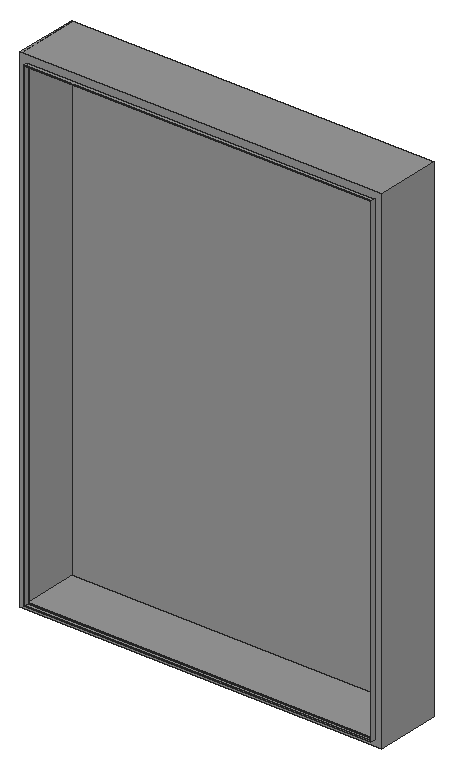
Revit family "Hager-Univers-IP44-D161-Cl.II-FWB-encl--NoHosted-CH-en", category Equipement électrique, Revit 2020
Family settings
  Configuration du panneau = Deux colonnes, circuits au sein
  Cote de connecteur circulaire = Utiliser le diamètre
  Type d'élément = Tableau de raccordement
  Basée sur le plan de construction = Oui
  Toujours verticalement = Oui
  Couper avec des vides une fois chargée = Non
  Partagée = Non
  Point de calcul de pièce = Non
Parameters (values of type "Surface mounted (plaster) IP44 W800 H1100 D161  - FWB73D1")
  Width Control [instance] = if([EF000008 - Width] > Min Width, [EF000008 - Width], Min Width)  # 800 mm
  Commentaires du type = [HG000003 - Range]  # "Univers"
  Thickness Door [instance] = if([EF009171 - Material plate thickness door/cover] > 3 mm, 3 mm, [EF009171 - Material plate thickness door/cover])  # 1 mm
  Seal Frame Offset [instance] = 17 mm  # constant formula
  Plinth Visibility [instance] = [HG000027 - Plinth height] > 0 mm  # no
  Min Width [instance] = 100 mm  # constant formula
  Min Depth [instance] = (2 * [EF009170 - Material plate thickness cabinet]) + 1 mm  # 5 mm
  Min Height [instance] = 100 mm  # constant formula
  Internal Frame Depth [instance] = (Door System Depth * 0.5)  # 9 mm
  Panel Name [instance] = ""  # (empty or 0)
  Model = ""
  HG000027 - Plinth height = 0 mm
  HG000026 - Floor standing = no
  HG000024 - Bottom section height = 600 mm
  HG000023 - Double section enclosure = no
  HG000016 - Door 3d visibility [instance] = yes
  HG000015 - Clearance visibility [instance] = no
  HG000014 - Door on the right [instance] = yes
  HG000013 - Door on the left [instance] = not([HG000014 - Door on the right])  # no
  HG000012 - Door swing angle [instance] = 30.00°
  HG000010 - Asymmetric doors = no
  HG000009 - Double swing door = no
  HG000006 - Flush mounted = no
  HG000004 - Manufacturer reference = "FWB73D1"
  HG000003 - Range = "Univers"
  HG000002 - With door or cover = no
  Frame Offset Bottom [instance] = 10 mm  # constant formula
  Frame Offset [instance] = 15 mm  # constant formula
  EF015940 - Cover with overpressure release = no
  EF011959 - Degree of protection (NEMA) = ""
  EF009554 - Number of openings for flange plates = 6
  EF009212 - Cover model = "EV009916 - With notch"
  EF009171 - Material plate thickness door/cover = 1 mm
  EF009170 - Material plate thickness cabinet = 2 mm
  EF008873 - Nominal current (In) = 125 A
  EF007800 - Suitable for lightning protection = no
  EF006306 - With lock = no
  EF006244 - Transparent cover/door = no
  EF005474 - Degree of protection (IP) = "EV006418 - IP44"
  EF004464 - Type of door = "EV000494 - None"
  EF004427 - Number of modules = 252
  EF004293 - Impact strength = "EV006815 - IK09"
  EF003532 - Suitable for outdoor use = no
  EF002950 - Width in number of modular spacings = 12
  EF001613 - Circuit integrity = "EV000494 - None"
  EF001596 - Material housing = "EV000179 - Steel"
  EF001131 - Internal depth = 160 mm
  EF001088 - Extension possible = yes
  EF000437 - Number of conduit inlets = 12
  EF000339 - Type of cover = "EV004216 - Door"
  EF000266 - Number of rows = 0
  EF000218 - Built-in depth = 0 mm
  EF000118 - With mounting plate = no
  EF000116 - RAL-number = "9010"
  EF000049 - Depth = 161 mm
  EF000040 - Height = 1100 mm
  EF000008 - Width = 800 mm
  EF000007 - Colour = "EV000202 - White"
  EF000003 - Mounting method = "EV000384 - Surface mounted (plaster)"
  Door System Leaf Tolerance [instance] = 1.5 mm  # constant formula
  Door System Depth [instance] = 18 mm  # constant formula
  Door Height [instance] = Height Control - [HG000027 - Plinth height]  # 1100 mm
  Description = ""
  Default Elevation = 1219.2 mm
  Connector Offset [instance] = Height Control / 2  # 550 mm
  Fabricant = "Hager"  # constant formula
  Height Control [instance] = if([EF000040 - Height] > Min Height, [EF000040 - Height], Min Height)  # 1100 mm
  Depth Control [instance] = if([EF000049 - Depth] > Min Depth, [EF000049 - Depth], Min Depth)  # 161 mm
  Bottom Top Plate Trim [instance] = 1.5 mm  # constant formula
  Plinth height Ctrl [instance] = if([HG000027 - Plinth height] > 0 mm, [HG000027 - Plinth height], 12 mm)  # 12 mm
Reference planes
  plane 1 "Center (Front/Back)": y = 0
  plane 2: z = 0
  plane 3 "Center (Left/Right)": x = 0
  plane 4: y = 0
  plane 5: y = 0
  plane 6: z = 0
  plane 7: x = -400
  plane 8: x = 400
  plane 9: x = 398
  plane 10: x = -398
  plane 11: z = 0
  plane 12: z = 2
  plane 13: y = -161
  plane 14: y = -2
  plane 15: x = 0
  plane 16: y = -143
  plane 17: y = -159
  plane 18: y = -141
  plane 19: x = -383
  plane 20: x = 383
  plane 21: z = 12
  plane 22: x = -383
  plane 23: x = 383
  plane 24: z = 0
  plane 25: z = 1100
  plane 26: z = 1100
  plane 27: z = 1083
  plane 28: z = 1098
Forms (mm)
  Extrusion 1, solid, material "Hager_Steel_RAL7035_Light_Grey", detail levels medium+fine
    sketch origin (-208.679, -4572, 0) x (-1, 0, 0) y (0, -1, 0)
      loop
        line (191.321, -4429) -> (-608.679, -4429) -> (-608.679, -4572) -> (191.321, -4572) -> (191.321, -4429)
    from 0 to 1100
  Extrusion 2, void
    sketch origin (-350.771, -161, 1219.2) x (1, 0, 0) y (0, 0, 1)
      loop
        line (-47.229, -121.2) -> (-47.229, -1217.2) -> (748.771, -1217.2) -> (748.771, -121.2) -> (-47.229, -121.2)
    from -20 to -159
  Extrusion 3, void
    sketch origin (-290.084, -143, 1219.2) x (1, 0, 0) y (0, 0, 1)
      loop
        line (-92.916, -1207.2) -> (673.084, -1207.2) -> (673.084, -136.2) -> (-92.916, -136.2) -> (-92.916, -1207.2)
    from 0 to -2
  Extrusion 4, solid, material "Hager_Steel_RAL7035_Light_Grey", visible <- "Plinth Visibility", detail levels medium+fine
    sketch origin (0, 0, 0) x (1, 0, 0) y (0, 1, 0)
      loop
        line (-400, 0) -> (-400, -143) -> (400, -143) -> (400, 0) -> (-400, 0)
    from 0 to 12 <- "Plinth height Ctrl"
  Extrusion 5, solid, material "Hager_Steel_RAL7035_Light_Grey", detail levels coarse
    sketch origin (0, 0, 0) x (1, 0, 0) y (0, 1, 0)
      loop
        line (-400, 0) -> (-400, -161) -> (400, -161) -> (400, 0) -> (-400, 0)
    from 0 to 1100 <- "Height Control"
  Sweep 6, void
    path in 3D
      loop
        line (-400, -143, 12) -> (400, -143, 12) -> (400, 0, 12) -> (-400, 0, 12) -> (-400, -143, 12)
    profile origin (-400, -71.5, 12) x (1, 0, 0) y (0, 0, 1)
      loop
        line (0, 0) -> (0, -1.5) -> (1.5, -1.5)
        arc (1.5, -1.5) -> (1.061, -0.439) -> (0, 0) r 1.5
  Extrusion 7, solid, material "Hager_Steel_RAL7035_Light_Grey", detail levels fine
    sketch origin (-400, -143, 0) x (1, 0, 0) y (0, 0, 1)
      loop
        line (17, 12) -> (783, 12) -> (783, 1083) -> (17, 1083) -> (17, 12)
      loop
        line (16, 11) -> (784, 11) -> (784, 1084) -> (16, 1084) -> (16, 11)
    from 0 to 9 <- "Internal Frame Depth"
Cuts and joins
  Extrusion 2, Extrusion 3 cuts Extrusion 1
  Sweep 6 cuts Extrusion 4
Lines and regions (mm)
  Masking region 1
    outline origin (0, 0, 0) x (1, 0, 0) y (0, 1, 0)
      loop
        line (-400, 0) -> (-400, -161) -> (400, -161) -> (400, 0) -> (-400, 0)
  Masking region 2, detail levels coarse
    outline origin (-290.084, -143, 1219.2) x (-1, 0, 0) y (0, 0, 1)
      loop
        line (-690.084, -1219.2) -> (109.916, -1219.2) -> (109.916, -119.2) -> (-690.084, -119.2) -> (-690.084, -1219.2)
  Masking region 3, detail levels coarse
    outline origin (0, 0, 0) x (0, 1, 0) y (0, 0, 1)
      loop
        line (0, 0) -> (0, 1100) -> (-161, 1100) -> (-161, 0) -> (0, 0)
  Masking region 4, visible <- "Plinth Visibility", detail levels medium+fine
    outline origin (0, 0, 0) x (0, 1, 0) y (0, 0, 1)
      loop
        line (-1.5, 12) -> (-141.5, 12)
        arc (-141.5, 12) -> (-141.939, 10.939) -> (-143, 10.5) r 1.5
        line (-143, 10.5) -> (-143, 0) -> (0, 0) -> (0, 10.5)
        arc (0, 10.5) -> (-1.061, 10.939) -> (-1.5, 12) r 1.5
  Masking region 5, detail levels medium+fine
    outline origin (0, 0, 594.038) x (0, 1, 0) y (0, 0, 1)
      loop
        line (0, -594.038) -> (0, 505.962) -> (-143, 505.962) -> (-143, -594.038) -> (0, -594.038)
  Masking region 6, detail levels medium+fine
    outline origin (-359.7, -143, 1211.883) x (-1, 0, 0) y (0, 0, 1)
      loop
        line (-759.7, -1211.883) -> (40.3, -1211.883) -> (40.3, -111.883) -> (-759.7, -111.883) -> (-759.7, -1211.883)
  Masking region 7, visible <- "Plinth Visibility", detail levels medium+fine
    outline origin (-320.334, -143, 1041.368) x (-1, 0, 0) y (0, 0, 1)
      loop
        line (-720.334, -1041.368) -> (79.666, -1041.368) -> (79.666, -1030.868)
        arc (79.666, -1030.868) -> (78.606, -1030.429) -> (78.166, -1029.368) r 1.5
        line (78.166, -1029.368) -> (-718.834, -1029.368)
        arc (-718.834, -1029.368) -> (-719.273, -1030.429) -> (-720.334, -1030.868) r 1.5
        line (-720.334, -1030.868) -> (-720.334, -1041.368)
  sketch lines
    curve 1: line (-400, 0, 12) -> (-400, -143, 12)
    curve 2: line (-400, -143, 12) -> (400, -143, 12)
    curve 3: line (400, 0, 12) -> (-400, 0, 12)
    curve 4: line (400, -143, 12) -> (400, 0, 12)
Dimensions and locks
  locked: plane 1 "Center (Front/Back)" to plane 5
  "EF009170 - Material plate thickness cabinet": plane 7 to plane 10
  "EF009170 - Material plate thickness cabinet": plane 8 to plane 9
  equal spacing: plane 7, plane 3 "Center (Left/Right)", plane 8
  "Width Control": plane 7 to plane 8
  "Depth Control": plane 4 to plane 13
  "EF009170 - Material plate thickness cabinet": plane 4 to plane 14
  "Height Control": plane 25 to level
  "HG000027 - Plinth height": plane 11 to level
  "EF009170 - Material plate thickness cabinet": plane 12 to plane 11
  "EF009170 - Material plate thickness cabinet": plane 17 to plane 13
  "EF009170 - Material plate thickness cabinet": plane 18 to plane 16
  "Frame Offset Bottom": plane 21 to plane 12
  "Frame Offset": plane 10 to plane 19
  "Frame Offset": plane 9 to plane 20
  "Door System Depth": plane 16 to plane 13
  "Seal Frame Offset": plane 7 to plane 22
  "Seal Frame Offset": plane 8 to plane 23
  "EF009170 - Material plate thickness cabinet": plane 26 to plane 28
  "Frame Offset": plane 28 to plane 27
  "Connector Offset": plane 2 to connector elem
  "Bottom Top Plate Trim": profile plane to Sweep 6 sketch curve
  "Bottom Top Plate Trim": Sweep 6 sketch curve to Sweep 6 sketch curve
  "Plinth height Ctrl": Masking region 4 sketch curve to level
  "Plinth height Ctrl": Masking region 7 sketch curve to level
  "Thickness Door": Extrusion 7 sketch curve to Extrusion 7 sketch curve  (x4)
  "Bottom Top Plate Trim": radius of Sweep 6 sketch curve
  "Bottom Top Plate Trim": radius of Masking region 4 sketch curve  (x2)
  "Bottom Top Plate Trim": radius of Masking region 7 sketch curve  (x2)
  aligned and locked: Extrusion 2 sketch curve to plane 12
  aligned and locked: Extrusion 2 sketch curve to plane 9
  aligned and locked: Extrusion 2 sketch curve to plane 10
  aligned and locked: Extrusion 2 to plane 14
  aligned and locked: Extrusion 1 sketch curve to plane 4
  aligned and locked: plane 8 to Extrusion 1 sketch curve
  aligned and locked: plane 7 to Extrusion 1 sketch curve
  aligned and locked: Extrusion 2 to plane 18
  aligned and locked: Extrusion 3 sketch curve to plane 19
  aligned and locked: plane 20 to Extrusion 3 sketch curve
  aligned and locked: Extrusion 3 to Extrusion 2
  aligned and locked: Extrusion 3 sketch curve to plane 21
  aligned and locked: plane 3 "Center (Left/Right)" to nested 1
  aligned and locked: Extrusion 1 sketch curve to plane 16
  aligned and locked: Extrusion 4 sketch curve to cut or joined group of Extrusion 1, Extrusion 2, Extrusion 3
  aligned and locked: Masking region 1 sketch curve to plane 7
  aligned and locked: Masking region 1 sketch curve to plane 5
  aligned and locked: Masking region 1 sketch curve to plane 8
  aligned and locked: Masking region 2 sketch curve to level
  aligned and locked: level to Masking region 3 sketch curve
  aligned and locked: plane 1 "Center (Front/Back)" to Masking region 3 sketch curve
  aligned and locked: plane 13 to Masking region 3 sketch curve
  aligned and locked: plane 5 to Masking region 4 sketch curve
  aligned and locked: Masking region 2 sketch curve to plane 8
  aligned and locked: Masking region 2 sketch curve to plane 7
  aligned and locked: plane 7 to nested 2
  aligned and locked: nested 2 to plane 5
  aligned and locked: plane 5 to Masking region 5 sketch curve
  aligned and locked: plane 26 to Masking region 5 sketch curve
  aligned and locked: Extrusion 5 sketch curve to plane 8
  aligned and locked: Extrusion 5 sketch curve to plane 7
  aligned and locked: Extrusion 5 sketch curve to plane 5
  aligned and locked: Extrusion 3 sketch curve to plane 27
  aligned and locked: Extrusion 2 sketch curve to plane 28
  aligned and locked: Masking region 2 to plane 25
  aligned and locked: Extrusion 4 to plane 16
  aligned and locked: profile plane to Sweep 6 sketch curve
  aligned and locked: Masking region 5 sketch curve to plane 24
  aligned and locked: level to Masking region 4 sketch curve
  aligned and locked: Masking region 1 to plane 13
  aligned and locked: nested 1 to plane 16
  aligned and locked: Masking region 3 to plane 25
  aligned and locked: plane 16 to Masking region 4 sketch curve
  aligned and locked: Masking region 5 sketch curve to plane 16
  aligned and locked: plane 24 to plane 11
  aligned and locked: plane 26 to plane 25
  aligned and locked: plane 26 to cut or joined group of Extrusion 1, Extrusion 2, Extrusion 3
  aligned and locked: nested 1 to plane 24
  aligned and locked: Extrusion 1 to Extrusion 3
  aligned and locked: Masking region 6 sketch curve to plane 8
  aligned and locked: Masking region 6 sketch curve to plane 24
  aligned and locked: Masking region 6 sketch curve to plane 7
  aligned and locked: Masking region 6 sketch curve to plane 26
  aligned and locked: Masking region 7 sketch curve to plane 7
  aligned and locked: level to Masking region 7 sketch curve
  aligned and locked: Masking region 7 sketch curve to plane 8
  aligned and locked: Extrusion 7 sketch curve to cut or joined group of Extrusion 1, Extrusion 2, Extrusion 3  (x4)
Automatic sketch dimensions
  plane 19 to Extrusion 3 sketch curve = 0 mm
  Extrusion 3 sketch curve to plane 20 = 0 mm
  Extrusion 3 sketch curve to plane 21 = 0 mm
  Extrusion 4 sketch curve to plane 7 = 0 mm
  Extrusion 4 sketch curve to plane 8 = 0 mm
  Extrusion 4 sketch curve to plane 16 = 0 mm
  Masking region 1 sketch curve to plane 13 = 0 mm
  Masking region 2 sketch curve to plane 25 = 0 mm
  Masking region 3 sketch curve to plane 25 = 0 mm
  Extrusion 5 sketch curve to plane 13 = 0 mm
  profile plane to Sweep 6 sketch curve = 0 mm
Nested families
  nested 1: "EC000058_Univers_Door" at (0, -143, 0), Double <- "HG000009 - Double swing door", Transparent <- "EF006244 - Transparent cover/door", Angle <- "HG000012 - Door swing angle", Door_Right <- "HG000014 - Door on the right", Assymetrical <- "HG000010 - Asymmetric doors", Door <- "HG000002 - With door or cover", Width_Ctrl <- "Width Control", 3d_Door <- "HG000016 - Door 3d visibility", Clearance <- "HG000015 - Clearance visibility", Door_Left <- "HG000013 - Door on the left", Width <- "Width Control", Door_Depth <- "Door System Depth", Leaf_Tolerance <- "Door System Leaf Tolerance", Height <- "Door Height", Lock_Visibility <- "EF006306 - With lock", Thickness <- "Thickness Door", type "EC000058_Univers_Door", detail levels medium+fine
    with min_wh 3 mm, Width_Ctrl 800 mm, Width 800 mm, Transparent no, Thickness 1 mm, Seal_Material Hager_Rubber, Lock_Visibility no, Lock_Material Hager_Plastic_RAL9005_Jet_Black, Leaf_Width 800 mm, Leaf_Tolerance_External_Sides 0 mm, Leaf_Tolerance 1.5 mm, Leaf_Offset 0 mm, Leaf_Height 1097 mm, Leaf_2_Width 800 mm, Leaf_2_Offset 400 mm, Leaf_1_Width 800 mm, Leaf_1_Offset 400 mm, Height_Ctrl 1100 mm, Height 1100 mm, Glass_Material Hager_Glass, Double_Clearance_Ctrl no, Double no, Door_Right_Ctrl no, Door_Right yes, Door_Material Hager_Steel_RAL7035_Light_Grey, Door_Left_Ctrl no, Door_Left no, Door_Depth 18 mm, Door no, Clearance_Material Hager_Clearance, Clearance_Depth 800 mm, Clearance_Ctrl no, Clearance no, Assymetrical no, Angle 30.00°, 3d_Door yes
  nested 2: "Hager_Enclosure_Symbol" at (-400, 0, 0), Height <- "Depth Control", Width <- "Width Control", type "Hager_Enclosure_Symbol"
    with Width_Ctrl 800 mm, Width 800 mm, Height_Ctrl 161 mm, Height 161 mm, A_Width_Int 10.566 mm, A_Width 126.788 mm, A_Height_Ctrl 140.875 mm, A_Height 140.875 mm
Connectors
  electrical at (0, 0, 550)
    settings: on plane 1 "Center (Front/Back)", index 1, voltage 0 V, apparent load 0 VA, apparent load phase1 0 VA, apparent load phase2 0 VA, apparent load phase3 0 VA, power factor 1, load classification "Other", number of poles 1, system type 30, power factor state 1, is connector primary yes, connector utility no, sub classification motor no, connector description ""
Definition of nested family "EC000058_Univers_Door"
  Parameters (values of type "EC000058_Univers_Door")
    min_wh [instance] = (2 * Thickness) + 1 mm  # 11 mm
    Width_Ctrl [instance] = 400 mm
    Width [instance] = 500 mm
    Transparent [instance] = yes
    Thickness [instance] = 5 mm
    Seal_Material [instance] = none
    Lock_Visibility [instance] = yes
    Lock_Material [instance] = none
    Leaf_Width [instance] = if((Width_Ctrl - 2 * Leaf_Tolerance_External_Sides) > 0 mm, (Width_Ctrl - 2 * Leaf_Tolerance_External_Sides), min_wh)  # 400 mm
    Leaf_Tolerance_External_Sides [instance] = 0 mm  # constant formula
    Leaf_Tolerance [instance] = 1.5 mm
    Leaf_Offset [instance] = 0 mm  # constant formula
    Leaf_Height [instance] = if((Height_Ctrl - 2 * Leaf_Tolerance) > 0 mm, (Height_Ctrl - 2 * Leaf_Tolerance), min_wh)  # 497 mm
    Leaf_2_Width [instance] = if(and(and(Double, Assymetrical), Door_Left), (Leaf_Width / 3) - (Leaf_Tolerance / 2), if(and(and(Double, Assymetrical), Door_Right), (Leaf_Width / 3) * 2 - (Leaf_Tolerance / 2), if(and(Double, not(Assymetrical)), (Leaf_Width / 2) - Leaf_Tolerance, Leaf_Width)))  # 400 mm
    Leaf_2_Offset [instance] = if(and(Double, Assymetrical), Leaf_2_Width / 2, if(and(Double, not(Assymetrical)), Leaf_Width / 4, Leaf_Width / 2))  # 200 mm
    Leaf_1_Width [instance] = if(and(and(Double, Assymetrical), Door_Right), (Leaf_Width / 3) - (Leaf_Tolerance / 2), if(and(and(Double, Assymetrical), Door_Left), (Width / 3) * 2 - (Leaf_Tolerance / 2), if(and(Double, not(Assymetrical)), (Leaf_Width / 2) - Leaf_Tolerance, Leaf_Width)))  # 400 mm
    Leaf_1_Offset [instance] = if(and(Double, Assymetrical), Leaf_1_Width / 2, if(and(Double, not(Assymetrical)), Leaf_Width / 4, Leaf_Width / 2))  # 200 mm
    Height_Ctrl [instance] = if(Height > min_wh, Height, min_wh)  # 500 mm
    Height [instance] = 500 mm
    Glass_Material [instance] = none
    Double_Clearance_Ctrl [instance] = and(Double, Clearance)  # no
    Double [instance] = no
    Door_Right_Ctrl [instance] = and(or(Door_Right, Double), Door)  # yes
    Door_Right [instance] = yes
    Door_Material [instance] = none
    Door_Left_Ctrl [instance] = and(or(Door_Left, Double), Door)  # no
    Door_Left [instance] = no
    Door_Depth [instance] = 30 mm
    Door [instance] = yes
    Default Elevation = 1219.2 mm
    Clearance_Material [instance] = none
    Clearance_Depth [instance] = if(Leaf_1_Width > Leaf_2_Width, Leaf_1_Width, Leaf_2_Width)  # 400 mm
    Clearance_Ctrl [instance] = and(not(Double), Clearance)  # yes
    Clearance [instance] = yes
    Assymetrical [instance] = yes
    Angle [instance] = 30.00°
    3d_Door [instance] = yes
  Reference planes
    plane 1 "Center (Front/Back)": y = 0
    plane 2 "Bottom": z = 0
    plane 3 "Center (Left/Right)": x = 0
    plane 4: z = 500
    plane 5: x = -200
    plane 6: x = 200
    plane 7: z = 500
    plane 8: x = -200
    plane 9: z = 0
    plane 10: x = 200
    plane 11: y = 0
    plane 12: z = 1.5
    plane 13: x = -600
    plane 14: y = -400
    plane 15: x = 600
    plane 16: x = 0
    plane 17: x = 0
    plane 18: x = -200
    plane 19: x = 200
    plane 20: z = 498.5
  Forms (mm)
    Extrusion 1, solid, material <- "Clearance_Material", visible <- "Double_Clearance_Ctrl"
      sketch origin (1200, 0, 0) x (1, 0, 0) y (0, 0, -1)
        loop
          line (-1800, -498.5) -> (-600, -498.5) -> (-600, 0) -> (-1800, 0) -> (-1800, -498.5)
      from 0 to -400
  Dimensions and locks
    equal spacing: plane 5, plane 3 "Center (Left/Right)", plane 6
    "Width_Ctrl": plane 5 to plane 6
    "Leaf_Offset": plane 5 to plane 8
    "Leaf_Offset": plane 6 to plane 10
    "Leaf_Offset": plane 9 to level
    "Leaf_Offset": plane 4 to plane 7
    "Height_Ctrl": plane 4 to level
    "Leaf_Tolerance": plane 12 to plane 9
    locked: plane 11 to plane 1 "Center (Front/Back)"
    "Leaf_1_Offset": plane 18 to plane 16
    "Leaf_2_Offset": plane 17 to plane 19
    "Leaf_1_Width": plane 13 to plane 8
    "Leaf_2_Width": plane 10 to plane 15
    "Clearance_Depth": plane 14 to plane 1 "Center (Front/Back)"
    "Leaf_Tolerance_External_Sides": plane 8 to plane 18
    "Leaf_Tolerance_External_Sides": plane 19 to plane 10
    "Leaf_Tolerance": plane 7 to plane 20
    aligned and locked: level to plane 2 "Bottom"
    aligned and locked: nested 1 to plane 16
    aligned and locked: nested 2 to plane 17
    aligned and locked: Extrusion 1 to plane 13
    aligned and locked: plane 15 to Extrusion 1
    aligned and locked: Extrusion 1 to plane 14
    aligned and locked: plane 12 to nested 1
    aligned and locked: nested 2 to plane 12
    aligned and locked: Extrusion 1 to plane 11
    aligned and locked: plane 20 to Extrusion 1
    aligned and locked: nested 2 to plane 11
    aligned and locked: nested 1 to plane 11
  Automatic sketch dimensions
    Extrusion 1 sketch curve to level = 0 mm
    plane 5 to Extrusion 1 sketch curve = 400 mm
    plane 6 to Extrusion 1 sketch curve = 400 mm
    Extrusion 1 sketch curve to plane 4 = 1.5 mm
  Nested families
    nested 1: "EC000058_Univers_Door_Leaf" at (0, 0, 1.5), Width <- "Leaf_1_Width", visible <- "Door_Left_Ctrl", Leaf_Height <- "Leaf_Height", Angle <- "Angle", 3d_Door <- "3d_Door", Transparent <- "Transparent", Clearance Material <- "Clearance_Material", Clearance <- "Clearance_Ctrl", Door_Material <- "Door_Material", Glass_Material <- "Glass_Material", Door_Depth <- "Door_Depth", Lock_Material <- "Lock_Material", Seal_Material <- "Seal_Material", Lock_Visibility <- "Lock_Visibility", Thickness <- "Thickness", type "EC000058_Univers_Door_Leaf"
      with Width 400 mm, Transparent_Glass_Offset 30 mm, Transparent_Ctrl yes, Transparent yes, Thickness 5 mm, Standard no, Seal_Material none, Seal_D2 8 mm, Seal_D1 1 mm, Offset_Internal_Frame 10 mm, Lock_Width 20 mm, Lock_Visibility_3d yes, Lock_Visibility yes, Lock_Thickness_3 3 mm, Lock_Thickness_2 1 mm, Lock_Thickness_1 3 mm, Lock_Radius_Offset_2 16 mm, Lock_Radius_Offset_1 15 mm, Lock_Radius_2 5 mm, Lock_Radius 6 mm, Lock_Offset 5 mm, Lock_Material none, Lock_Height 80 mm, Lock_Cover_Top_Offset_2d 17 mm, Lock_Cover_Height -65 mm, Leaf_Height 497 mm, Internal_Seal_Thickness 8 mm, Internal_Seal_Depth_2 4.5 mm, Internal_Frame_Depth 25 mm, Glass_Thickness -1 mm, Glass_Offset -2 mm, Glass_Material none, Door_Material none, Door_Depth 30 mm, Clearance Material none, Clearance yes, Angle_Ctrl 30.00°, Angle 30.00°, 3d_Door yes
    nested 2: "EC000058_Univers_Door_Leaf" at (0, 0, 1.5) x (-1, 0, 0) z (0, 0, 1), Width <- "Leaf_2_Width", visible <- "Door_Right_Ctrl", Leaf_Height <- "Leaf_Height", Angle <- "Angle", 3d_Door <- "3d_Door", Transparent <- "Transparent", Clearance Material <- "Clearance_Material", Clearance <- "Clearance_Ctrl", Door_Material <- "Door_Material", Glass_Material <- "Glass_Material", Door_Depth <- "Door_Depth", Lock_Material <- "Lock_Material", Seal_Material <- "Seal_Material", Lock_Visibility <- "Lock_Visibility", Thickness <- "Thickness", type "EC000058_Univers_Door_Leaf"
      with Width 400 mm, Transparent_Glass_Offset 30 mm, Transparent_Ctrl yes, Transparent yes, Thickness 5 mm, Standard no, Seal_Material none, Seal_D2 8 mm, Seal_D1 1 mm, Offset_Internal_Frame 10 mm, Lock_Width 20 mm, Lock_Visibility_3d yes, Lock_Visibility yes, Lock_Thickness_3 3 mm, Lock_Thickness_2 1 mm, Lock_Thickness_1 3 mm, Lock_Radius_Offset_2 16 mm, Lock_Radius_Offset_1 15 mm, Lock_Radius_2 5 mm, Lock_Radius 6 mm, Lock_Offset 5 mm, Lock_Material none, Lock_Height 80 mm, Lock_Cover_Top_Offset_2d 17 mm, Lock_Cover_Height -65 mm, Leaf_Height 497 mm, Internal_Seal_Thickness 8 mm, Internal_Seal_Depth_2 4.5 mm, Internal_Frame_Depth 25 mm, Glass_Thickness -1 mm, Glass_Offset -2 mm, Glass_Material none, Door_Material none, Door_Depth 30 mm, Clearance Material none, Clearance yes, Angle_Ctrl 30.00°, Angle 30.00°, 3d_Door yes
  Definition of nested family "EC000058_Univers_Door_Leaf"
    Parameters (values of type "EC000058_Univers_Door_Leaf")
      Width [instance] = 2000 mm
      Transparent_Glass_Offset [instance] = 30 mm
      Transparent_Ctrl [instance] = and(Transparent, [3d_Door])  # yes
      Transparent [instance] = yes
      Thickness [instance] = 5 mm
      Standard [instance] = and(not(Transparent), [3d_Door])  # no
      Seal_Material [instance] = none
      Seal_D2 [instance] = 8 mm  # constant formula
      Seal_D1 [instance] = 1 mm  # constant formula
      Offset_Internal_Frame [instance] = 10 mm  # constant formula
      Lock_Width [instance] = 20 mm  # constant formula
      Lock_Visibility_3d [instance] = and(Lock_Visibility, [3d_Door])  # yes
      Lock_Visibility [instance] = yes
      Lock_Thickness_3 [instance] = 3 mm  # constant formula
      Lock_Thickness_2 [instance] = 1 mm  # constant formula
      Lock_Thickness_1 [instance] = 3 mm  # constant formula
      Lock_Radius_Offset_2 [instance] = Lock_Radius_Offset_1 + 1 mm  # 16 mm
      Lock_Radius_Offset_1 [instance] = 15 mm  # constant formula
      Lock_Radius_2 [instance] = Lock_Radius - 1 mm  # 5 mm
      Lock_Radius [instance] = 6 mm  # constant formula
      Lock_Offset [instance] = 5 mm  # constant formula
      Lock_Material [instance] = none
      Lock_Height [instance] = 80 mm  # constant formula
      Lock_Cover_Top_Offset_2d [instance] = Lock_Radius_Offset_2 + 1 mm  # 17 mm
      Lock_Cover_Height [instance] = -(Lock_Height - Lock_Radius_Offset_1)  # -65 mm
      Leaf_Height [instance] = 2720.336 mm
      Internal_Seal_Thickness [instance] = 8 mm  # constant formula
      Internal_Seal_Depth_2 [instance] = 4.5 mm  # constant formula
      Internal_Frame_Depth [instance] = if(Door_Depth - Thickness > 5 mm, Door_Depth - Thickness, 5 mm)  # 25 mm
      Glass_Thickness [instance] = if(Thickness > 15 mm, Glass_Offset + 10 mm, -1 mm)  # -1 mm
      Glass_Offset [instance] = if(Thickness > 15 mm, -(Thickness + 10 mm) / 2, -2 mm)  # -2 mm
      Glass_Material [instance] = none
      Door_Material [instance] = none
      Door_Depth [instance] = 30 mm
      Default Elevation = 0 mm
      Clearance Material [instance] = none
      Clearance [instance] = yes
      Angle_Ctrl [instance] = if(Angle > 180.00°, 180.00°, Angle)  # 90.00°
      Angle [instance] = 90.00°
      3d_Door [instance] = yes
    Reference planes
      plane 1 "Center (Front/Back)": y = 0
      plane 2: z = 0
      plane 3 "Center (Left/Right)": x = 0
      plane 4: y = 2000
      plane 5: x = -1000
      plane 6: x = 1000
      plane 7: x = -3000
      plane 8: z = 2720.336
      plane 9: z = 30
      plane 10: z = 2690.336
      plane 11: x = 970
      plane 12: x = -970
      plane 13: y = -3
      plane 14: z = 107.833
      plane 15: y = -5
      plane 16: y = -223.314
      plane 17: x = -1000
      plane 18: z = 1360.168
      plane 19: y = 30
    Forms (mm)
      Extrusion 1, solid, material <- "Clearance Material", visible <- "Clearance"
        sketch origin (0, 0, 0) x (1, 0, 0) y (0, 0, 1)
          loop
            line (-3000, 2720.336) -> (-3000, 0) -> (1000, 0) -> (1000, 2720.336) -> (-3000, 2720.336)
        from 0 to -2000
      Extrusion 2, solid, material <- "Door_Material", visible <- "Standard", detail levels medium+fine
        sketch origin (-1000, 0, 0) x (0, 1, 0) y (-1, 0, 0)
          loop
            line (0, 30) -> (0, 25) -> (2000, 25) -> (2000, 30) -> (0, 30)
        from 0 to 2720.336 <- "Leaf_Height"
      Extrusion 3, solid, material <- "Door_Material", visible <- "Transparent_Ctrl", detail levels medium+fine
        sketch origin (-1000, 0, 0) x (0, 1, 0) y (-1, 0, 0)
          loop
            line (0, 25) -> (2000, 25) -> (2000, 30) -> (0, 30) -> (0, 25)
        from 0 to 2720.336 <- "Leaf_Height"
      Extrusion 4, void
        sketch origin (-1025, 2000, 0) x (0, 1, 0) y (0, 0, -1)
          loop
            line (-30, -2690.336) -> (-30, -30) -> (-1970, -30) -> (-1970, -2690.336) -> (-30, -2690.336)
        from 0 to 5 <- "Thickness"
      Sweep 5, solid, material <- "Seal_Material", visible <- "Transparent_Ctrl", detail levels fine
        path in 3D
          loop
            line (-1025, 30, 30) -> (-1025, 30, 2690.336) -> (-1025, 1970, 2690.336) -> (-1025, 1970, 30) -> (-1025, 30, 30)
        profile origin (-1025, 1000, 30) x (1, 0, 0) y (0, 0, 1)
          loop
            line (0, 0) -> (0, -8) -> (1, -8) -> (1, 0) -> (0, 0)
      Extrusion 6, solid, material <- "Glass_Material", visible <- "Transparent_Ctrl", detail levels medium+fine
        sketch origin (-1030, 0, 0) x (0, 1, 0) y (0, 0, -1)
          loop
            line (1970, -2690.336) -> (1970, -30) -> (30, -30) -> (30, -2690.336) -> (1970, -2690.336)
        from -2 <- "Glass_Offset" to -1 <- "Glass_Thickness"
      Extrusion 7, solid, material <- "Door_Material", visible <- "3d_Door", detail levels medium+fine
        sketch origin (-1025, 2000, 0) x (0, -1, 0) y (0, 0, -1)
          loop
            line (0, -2720.336) -> (2000, -2720.336) -> (2000, 0) -> (0, 0) -> (0, -2720.336)
          loop
            line (1995, -5) -> (5, -5) -> (5, -2715.336) -> (1995, -2715.336) -> (1995, -5)
        from 0 to 25 <- "Internal_Frame_Depth"
      Sweep 8, solid, material <- "Seal_Material", visible <- "Transparent_Ctrl", detail levels fine
        path in 3D
          loop
            line (-1025, 0, 0) -> (-1025, 2000, 0) -> (-1025, 2000, 2720.336) -> (-1025, 0, 2720.336) -> (-1025, 0, 0)
        profile origin (-1025, 0, 1360.168) x (1, 0, 0) y (0, 1, 0)
          loop
            line (0, 10) -> (2.975, 10)
            arc (2.975, 10) -> (4.053, 10.447) -> (4.5, 11.525) r 1.525
            line (4.5, 11.525) -> (4.5, 16.527)
            arc (4.5, 16.527) -> (4.069, 17.569) -> (3.027, 18) r 1.473
            line (3.027, 18) -> (0, 18) -> (0, 10)
      Extrusion 9, solid, material <- "Lock_Material", visible <- "Lock_Visibility_3d", detail levels fine
        sketch origin (-1030, 0, 0) x (0, 1, 0) y (0, 0, -1)
          loop
            arc (1993.5, -1400.168) -> (1994.561, -1399.729) -> (1995, -1398.668) r 1.5
            line (1995, -1398.668) -> (1995, -1320.168) -> (1975, -1320.168) -> (1975, -1398.668)
            arc (1975, -1398.668) -> (1975.439, -1399.729) -> (1976.5, -1400.168) r 1.5
            line (1976.5, -1400.168) -> (1993.5, -1400.168)
        from 3 <- "Lock_Thickness_1" to 0
      Blend 10, solid, material <- "Lock_Material", visible <- "Lock_Visibility_3d", detail levels fine
        base sketch origin (-1033, 0, 0) x (0, 1, 0) y (0, 0, -1)
          loop
            line (1975, -1320.168) -> (1975, -1398.668)
            arc (1975, -1398.668) -> (1975.439, -1399.729) -> (1976.5, -1400.168) r 1.5
            line (1976.5, -1400.168) -> (1993.5, -1400.168)
            arc (1993.5, -1400.168) -> (1994.561, -1399.729) -> (1995, -1398.668) r 1.5
            line (1995, -1398.668) -> (1995, -1320.168) -> (1975, -1320.168)
        top sketch origin (-1033, 0, 0) x (0, 1, 0) y (0, 0, -1)
          loop
            line (1976, -1320.168) -> (1976, -1398.668)
            arc (1976, -1398.668) -> (1976.146, -1399.022) -> (1976.5, -1399.168) r 0.5
            line (1976.5, -1399.168) -> (1993.5, -1399.168)
            arc (1993.5, -1399.168) -> (1993.854, -1399.022) -> (1994, -1398.668) r 0.5
            line (1994, -1398.668) -> (1994, -1320.168) -> (1976, -1320.168)
        from 0 to 1 <- "Lock_Thickness_2"
      Blend 11, solid, material <- "Lock_Material", visible <- "Lock_Visibility_3d", detail levels fine
        base sketch origin (-1034, 0, 0) x (0, 1, 0) y (0, 0, -1)
          loop
            line (1978, -1320.168) -> (1978, -1384.168)
            arc (1978, -1384.168) -> (1985, -1391.168) -> (1992, -1384.168) r 7
            line (1992, -1384.168) -> (1992, -1320.168) -> (1978, -1320.168)
        top sketch origin (-1034, 0, 0) x (0, 1, 0) y (0, 0, -1)
          loop
            line (1991, -1320.168) -> (1979, -1320.168) -> (1979, -1383.168)
            arc (1979, -1383.168) -> (1985, -1389.168) -> (1991, -1383.168) r 6
            line (1991, -1383.168) -> (1991, -1320.168)
        from 0 to 3 <- "Lock_Thickness_3"
      Extrusion 12, solid, material <- "Lock_Material", visible <- "Lock_Visibility_3d", detail levels fine
        sketch origin (-1030, 1975, 1320.168) x (1, 0, 0) y (0, -1, 0)
          loop
            line (-7, -19) -> (-7, -1) -> (0, -1) -> (0, 0) -> (-8, 0) -> (-8, -20) -> (0, -20) -> (0, -19) -> (-7, -19)
        from 0 to -65 <- "Lock_Cover_Height"
      Extrusion 13, void
        sketch origin (-1038, 1995, 1320.168) x (-1, 0, 0) y (0, 0, -1)
          loop
            line (-5, -65) -> (0, -65) -> (-5, -60) -> (-5, -65)
        from 0 to 20 <- "Lock_Width"
      Extrusion 14, void
        sketch origin (-1038, 1975, 1320.168) x (0, -1, 0) y (0, 0, -1)
          loop
            circle (-10, -15.995) r 6
          loop
            circle (-10, -15.995) r 5
        from 0 to 2
      Extrusion 15, solid, material <- "Lock_Material", visible <- "Lock_Visibility_3d", detail levels medium
        sketch origin (-1030, 0, 0) x (0, 1, 0) y (0, 0, -1)
          loop
            arc (1993.5, -1400.168) -> (1994.561, -1399.729) -> (1995, -1398.668) r 1.5
            line (1995, -1398.668) -> (1995, -1320.168) -> (1975, -1320.168) -> (1975, -1398.668)
            arc (1975, -1398.668) -> (1975.439, -1399.729) -> (1976.5, -1400.168) r 1.5
            line (1976.5, -1400.168) -> (1993.5, -1400.168)
        from 8 to 0
    Cuts and joins
      Extrusion 4 cuts Extrusion 3
      Extrusion 13, Extrusion 14 cuts Extrusion 9
      Extrusion 14 cuts Blend 11
      Extrusion 13, Extrusion 14 cuts Extrusion 12
      joined: Extrusion 9, Blend 10, Blend 11, Extrusion 12
      Extrusion 14 cuts Extrusion 15
    Lines and regions (mm)
      Masking region 1, visible <- "Lock_Visibility", detail levels fine
        outline origin (0, 0, 0) x (0, 1, 0) y (0, 0, 1)
          loop
            line (30, 1320.168) -> (33, 1320.168) -> (33, 1400.168) -> (30, 1400.168) -> (30, 1320.168)
      Masking region 2, visible <- "Lock_Visibility", detail levels fine
        outline origin (0, 3.143, 0) x (0, 1, 0) y (0, 0, 1)
          loop
            line (29.857, 1354.168) -> (30.857, 1354.168) -> (30.857, 1366.168) -> (29.857, 1366.168) -> (29.857, 1354.168)
      Masking region 3, detail levels medium+fine
        outline origin (0, 0, 0) x (0, 1, 0) y (0, 0, 1)
          loop
            line (0, 0) -> (30, 0) -> (30, 2720.336) -> (0, 2720.336) -> (0, 0)
      Masking region 4, detail levels medium+fine
        outline origin (0, 0, 0) x (1, 0, 0) y (0, 0, 1)
          loop
            line (-1000, 2720.336) -> (-1000, 0) -> (1000, 0) -> (1000, 2720.336) -> (-1000, 2720.336)
      Masking region 5, visible <- "Lock_Visibility", detail levels fine
        outline origin (-47.116, 0, 0) x (1, 0, 0) y (0, 0, 1)
          loop
            arc (1024.616, 1399.168) -> (1023.556, 1398.729) -> (1023.116, 1397.668) r 1.5
            line (1023.116, 1397.668) -> (1023.116, 1320.168) -> (1041.116, 1320.168) -> (1041.116, 1397.668)
            arc (1041.116, 1397.668) -> (1040.677, 1398.729) -> (1039.616, 1399.168) r 1.5
            line (1039.616, 1399.168) -> (1024.616, 1399.168)
      Masking region 6, visible <- "Lock_Visibility", detail levels medium+fine
        outline origin (-25, 0, 0) x (1, 0, 0) y (0, 0, 1)
          loop
            arc (1001.5, 1400.168) -> (1000.439, 1399.729) -> (1000, 1398.668) r 1.5
            line (1000, 1398.668) -> (1000, 1320.168) -> (1020, 1320.168) -> (1020, 1398.668)
            arc (1020, 1398.668) -> (1019.561, 1399.729) -> (1018.5, 1400.168) r 1.5
            line (1018.5, 1400.168) -> (1001.5, 1400.168)
      Masking region 7, visible <- "Lock_Visibility", detail levels fine
        outline origin (-73.735, 0, 0) x (1, 0, 0) y (0, 0, 1)
          loop
            line (1051.735, 1382.168) -> (1065.735, 1382.168) -> (1065.735, 1384.168)
            arc (1065.735, 1384.168) -> (1058.735, 1391.168) -> (1051.735, 1384.168) r 7
            line (1051.735, 1384.168) -> (1051.735, 1382.168)
      Masking region 8, visible <- "Lock_Visibility", detail levels fine
        outline origin (-73.735, 0, 0) x (1, 0, 0) y (0, 0, 1)
          loop
            line (1052.735, 1382.168) -> (1064.735, 1382.168) -> (1064.735, 1383.168)
            arc (1064.735, 1383.168) -> (1058.735, 1389.168) -> (1052.735, 1383.168) r 6
            line (1052.735, 1383.168) -> (1052.735, 1382.168)
      Masking region 9, visible <- "Lock_Visibility", detail levels fine
        outline origin (-25, 0, 0) x (1, 0, 0) y (0, 0, 1)
          loop
            line (1020, 1320.168) -> (1020, 1382.168) -> (1000, 1382.168) -> (1000, 1320.168) -> (1020, 1320.168)
      Masking region 10, detail levels medium+fine
        outline origin (0, 0, 0) x (1, 0, 0) y (0, 0, 1)
          loop
            circle (985, 1335.144) r 6
      Masking region 11, detail levels fine
        outline origin (0, 0, 0) x (1, 0, 0) y (0, 0, 1)
          loop
            circle (985, 1335.144) r 5
      Masking region 12, visible <- "Lock_Visibility", detail levels fine
        outline origin (0, 12.767, 0) x (0, 1, 0) y (0, 0, 1)
          loop
            line (20.233, 1320.168) -> (21.233, 1320.168) -> (21.233, 1399.168) -> (20.233, 1400.168) -> (20.233, 1320.168)
      Masking region 13, visible <- "Lock_Visibility", detail levels fine
        outline origin (0, 13.767, -10) x (0, 1, 0) y (0, 0, 1)
          loop
            line (20.233, 1330.168) -> (23.233, 1330.168) -> (23.233, 1399.168) -> (20.233, 1402.168) -> (20.233, 1330.168)
      Masking region 14, visible <- "Lock_Visibility", detail levels fine
        outline origin (0, 12.767, -10) x (0, 1, 0) y (0, 0, 1)
          loop
            line (20.233, 1330.168) -> (25.233, 1330.168) -> (25.233, 1399.305) -> (20.233, 1394.305) -> (20.233, 1330.168)
      Masking region 15, visible <- "Lock_Visibility", detail levels medium
        outline origin (0, 0, 0) x (0, 1, 0) y (0, 0, 1)
          loop
            line (30, 1320.168) -> (38, 1320.168) -> (38, 1400.168) -> (30, 1400.168) -> (30, 1320.168)
      Masking region 16, visible <- "Lock_Visibility", detail levels fine
        outline origin (-1000, 0, 0) x (0, 1, 0) y (-1, 0, 0)
          loop
            line (1975, 30) -> (1995, 30) -> (1995, 38) -> (1975, 38) -> (1975, 30)
          loop
            line (1979, 37) -> (1976, 37) -> (1976, 34) -> (1978, 34) -> (1979, 37)
          loop
            line (1994, 37) -> (1991, 37) -> (1992, 34) -> (1994, 34) -> (1994, 37)
      Masking region 17, visible <- "Lock_Visibility", detail levels medium
        outline origin (-1000, 0, 0) x (0, 1, 0) y (-1, 0, 0)
          loop
            line (1975, 30) -> (1995, 30) -> (1995, 38) -> (1975, 38) -> (1975, 30)
      symbolic lines
        curve 1: line (1000, 0, 0) -> (-3000, 0, 0)
        curve 2: arc (1000, 0, 0) -> (-1000, 2000, 0) -> (-3000, 0, 0) r 2000
        curve 4: line (-1030, 0, 0) -> (-1030, 2000, 0)
      reference lines
        curve 3: line (-1000, 0, 0) -> (-1000, 2000, 0)
      symbolic lines, detail levels medium+fine
        curve 5: line (-1030, 2000, 0) -> (-1025, 2000, 0)
        curve 7: line (-1025, 0, 0) -> (-1030, 0, 0)
        curve 8: line (-1025, 0, 0) -> (-1000, 0, 0)
        curve 9: line (-1000, 0, 0) -> (-1000, 2000, 0)
        curve 10: line (-1000, 2000, 0) -> (-1025, 2000, 0)
      symbolic lines, detail levels fine
        curve 6: line (-1025, 2000, 0) -> (-1025, 0, 0)
      sketch lines
        curve 11: line (-1025, 0, 2720.336) -> (-1025, 0, 0)
        curve 12: line (-1025, 2000, 0) -> (-1025, 0, 0)
        curve 13: line (-1025, 2000, 2720.336) -> (-1025, 2000, 0)
        curve 14: line (-1025, 0, 2720.336) -> (-1025, 2000, 2720.336)
        curve 15: line (-1025, 1970, 30) -> (-1025, 30, 30)
        curve 16: line (-1025, 30, 30) -> (-1025, 30, 2690.336)
        curve 17: line (-1025, 1970, 2690.336) -> (-1025, 1970, 30)
        curve 18: line (-1025, 30, 2690.336) -> (-1025, 1970, 2690.336)
      symbolic lines, visible <- "Transparent", detail levels medium+fine
        curve 19: line (-970, 0, 2690.336) -> (970, 0, 2690.336)
        curve 20: line (-970, 0, 30) -> (-970, 0, 2690.336)
        curve 21: line (970, 0, 30) -> (-970, 0, 30)
        curve 22: line (970, 0, 2690.336) -> (970, 0, 30)
    Dimensions and locks
      "Width": plane 1 "Center (Front/Back)" to plane 4
      equal spacing: plane 5, plane 3 "Center (Left/Right)", plane 6
      "Width": plane 5 to plane 6
      "Width": plane 7 to plane 5
      "Leaf_Height": plane 8 to level
      "Width": curve 5 to curve 3
      "Width": curve 3 to curve 3
      plane 8 to plane 10 = 30 mm
      plane 9 to level = 30 mm
      plane 12 to plane 5 = 30 mm
      plane 6 to plane 11 = 30 mm
      Extrusion 1 to Extrusion 4 sketch curve = 30 mm
      "Transparent_Glass_Offset": curve 3 to Extrusion 4 sketch curve
      "Transparent_Glass_Offset": Extrusion 4 sketch curve to cut or joined group of Extrusion 3, Extrusion 4  (x2)
      cut or joined group of Extrusion 3, Extrusion 4 to Extrusion 6 sketch curve = 30 mm
      "Transparent_Glass_Offset": cut or joined group of Extrusion 3, Extrusion 4 to Extrusion 4 sketch curve
      "Thickness": curve 6 to curve 4
      "Thickness": Extrusion 7 sketch curve to Extrusion 7 sketch curve  (x4)
      "Door_Depth": curve 4 to curve 3
      "Offset_Internal_Frame": profile plane to Sweep 8 sketch curve
      "Internal_Seal_Thickness": Sweep 8 sketch curve to Sweep 8 sketch curve
      "Internal_Seal_Depth_2": profile plane to Sweep 8 sketch curve
      "Seal_D1": profile plane to Sweep 5 sketch curve
      "Seal_D2": profile plane to Sweep 5 sketch curve
      "Thickness": Extrusion 2 sketch curve to Extrusion 2 sketch curve
      equal spacing: Extrusion 9 sketch curve, plane 18, Extrusion 9 sketch curve  (x2)
      equal spacing: Masking region 1 sketch curve, plane 18, Masking region 1 sketch curve
      "Lock_Height": Masking region 1 sketch curve to Masking region 1 sketch curve
      "Lock_Radius": Masking region 2 sketch curve to plane 18 to Masking region 2 sketch curve
      Masking region 2 sketch curve to Masking region 1 = 1 mm
      "Door_Depth": plane 19 to plane 1 "Center (Front/Back)"
      "Lock_Thickness_1": Masking region 1 sketch curve to plane 19
      "Lock_Width": Extrusion 9 sketch curve to Extrusion 9 sketch curve
      "Lock_Height": Extrusion 9 sketch curve to Extrusion 9 sketch curve
      "Lock_Offset": cut or joined group of Extrusion 3, Extrusion 4 to Extrusion 9 sketch curve
      equal spacing: plane 8, plane 18, level
      "Lock_Radius_Offset_1": Blend 11 sketch curve to Blend 10
      locked: Blend 10 to Blend 11 sketch curve at 2  (x2)
      locked: var sketch to Blend 11 sketch curve at 1  (x2)
      "Lock_Radius_Offset_2": Blend 11 sketch curve to Blend 10
      locked: Extrusion 12 sketch curve to Extrusion 12 sketch curve at 1  (x3)
      Masking region 6 sketch curve to Masking region 6 sketch curve = 80 mm
      "Lock_Height": Masking region 6 sketch curve to Masking region 6 sketch curve
      "Lock_Width": Masking region 6 sketch curve to Masking region 6 sketch curve
      locked: Masking region 6 to Masking region 5 sketch curve at 1  (x3)
      locked: Masking region 5 to Masking region 7 sketch curve at 2  (x2)
      "Lock_Radius_Offset_1": Masking region 5 to Masking region 7 sketch curve
      "Lock_Radius_Offset_2": Masking region 5 to Masking region 8 sketch curve
      locked: Masking region 7 to Masking region 8 sketch curve at 1  (x2)
      "Lock_Cover_Top_Offset_2d": Masking region 5 to Masking region 9 sketch curve
      equal spacing: Masking region 9, Masking region 10 sketch curve, Masking region 9
      equal spacing: Masking region 9, Masking region 11 sketch curve, Masking region 9
      Extrusion 15 sketch curve to Extrusion 15 sketch curve = 80 mm
      "Lock_Width": Extrusion 15 sketch curve to Extrusion 15 sketch curve
      "Lock_Height": Extrusion 15 sketch curve to Extrusion 15 sketch curve
      equal spacing: Extrusion 15 sketch curve, plane 18, Extrusion 15 sketch curve
      "Lock_Thickness_3": Masking region 13 sketch curve to Masking region 13 sketch curve
      "Lock_Height": Masking region 12 sketch curve to Masking region 12 sketch curve
      locked: Masking region 13 sketch curve to Masking region 1 at 8
      locked: Masking region 14 sketch curve to Masking region 13 at 1
      locked: Masking region 14 sketch curve to Masking region 1 at 10.863
      "Lock_Height": Masking region 15 sketch curve to Masking region 15 sketch curve
      "Lock_Offset": Extrusion 15 sketch curve to cut or joined group of Extrusion 3, Extrusion 4
      "Lock_Offset": plane 6 to Masking region 6 sketch curve
      radius of Sweep 8 sketch curve = 1.525 mm
      radius of Sweep 8 sketch curve = 1.473 mm
      radius of Extrusion 9 sketch curve = 1.5 mm  (x2)
      "Lock_Radius": radius of Extrusion 14 sketch curve
      "Lock_Radius_2": radius of Extrusion 14 sketch curve
      "Lock_Radius": radius of Masking region 10 sketch curve
      "Lock_Radius_2": radius of Masking region 11 sketch curve
      radius of Extrusion 15 sketch curve = 1.5 mm  (x2)
      "Angle_Ctrl": angle plane 1 "Center (Front/Back)" to curve 3
      locked: Masking region 12 sketch curve to Masking region 12 sketch curve (angle 45.00°)
      locked: Masking region 13 sketch curve to Masking region 13 sketch curve (angle 45.00°)
      locked: Masking region 14 sketch curve to Masking region 14 sketch curve (angle 45.00°)
      aligned and locked: level to plane 2
      aligned and locked: Extrusion 1 to curve 1
      aligned and locked: plane 6 to Extrusion 1
      aligned and locked: Extrusion 1 to plane 1 "Center (Front/Back)"
      aligned and locked: plane 4 to Extrusion 1
      aligned and locked: plane 8 to Extrusion 1
      aligned and locked: curve 7 to Extrusion 2 sketch curve
      aligned and locked: curve 5 to Extrusion 2 sketch curve
      aligned and locked: curve 7 to Extrusion 3 sketch curve
      aligned and locked: Extrusion 3 sketch curve to curve 4
      aligned and locked: Extrusion 3 sketch curve to curve 6
      aligned and locked: Extrusion 3 sketch curve to curve 5
      aligned and locked: curve 9 to curve 3
      aligned and locked: Extrusion 7 sketch curve to cut or joined group of Extrusion 3, Extrusion 4  (x4)
      aligned and locked: plane 17 to curve 3
      aligned and locked: plane 1 "Center (Front/Back)" to curve 3
      aligned and locked: plane 17 to plane 5
      aligned and locked: Sweep 8 sketch curve to profile plane
      aligned and locked: Sweep 5 sketch curve to profile plane  (x2)
      aligned and locked: Masking region 1 to Masking region 2 sketch curve
      aligned and locked: plane 19 to Masking region 1 sketch curve
      aligned and locked: plane 1 "Center (Front/Back)" to Masking region 3 sketch curve
      aligned and locked: plane 19 to Masking region 3 sketch curve
      aligned and locked: level to Masking region 3 sketch curve
      aligned and locked: Masking region 3 sketch curve to plane 8
      aligned and locked: plane 17 to Masking region 4 sketch curve
      aligned and locked: level to Masking region 4 sketch curve
      aligned and locked: Masking region 4 sketch curve to plane 8
      aligned and locked: plane 12 to curve 20
      aligned and locked: plane 10 to curve 19
      aligned and locked: plane 11 to curve 22
      aligned and locked: curve 21 to plane 9
      aligned and locked: Extrusion 2 sketch curve to cut or joined group of Extrusion 3, Extrusion 4
      aligned and locked: Blend 10 sketch curve to Extrusion 9  (x4)
      aligned and locked: Extrusion 9 to Blend 10 sketch curve
      aligned and locked: Blend 10 to Blend 11 sketch curve
      aligned and locked: Extrusion 12 sketch curve to Blend 11
      aligned and locked: Extrusion 12 sketch curve to Extrusion 9  (x4)
      aligned and locked: Masking region 5 sketch curve to Masking region 6
      aligned and locked: Masking region 9 sketch curve to Masking region 6  (x3)
      aligned and locked: Masking region 12 sketch curve to Masking region 1
      aligned and locked: Masking region 13 sketch curve to Masking region 1
      aligned and locked: Masking region 12 to Masking region 14
      aligned and locked: Masking region 14 sketch curve to Masking region 1
      aligned and locked: Masking region 15 sketch curve to Masking region 14
      aligned and locked: Masking region 13 sketch curve to Masking region 12
      aligned and locked: Masking region 16 sketch curve to cut or joined group of Extrusion 14, Extrusion 15  (x4)
      aligned and locked: Masking region 16 sketch curve to cut or joined group of Extrusion 9, Blend 10, Blend 11, Extrusion 12, Extrusion 13, Extrusion 14  (x6)
      aligned and locked: cut or joined group of Extrusion 9, Blend 10, Blend 11, Extrusion 12, Extrusion 13, Extrusion 14 to Masking region 16 sketch curve
      aligned and locked: Masking region 17 sketch curve to cut or joined group of Extrusion 14, Extrusion 15  (x3)
      aligned and locked: Masking region 17 sketch curve to cut or joined group of Extrusion 9, Blend 10, Blend 11, Extrusion 12, Extrusion 13, Extrusion 14
      aligned and locked: Masking region 9 to Masking region 8 sketch curve
      aligned and locked: Masking region 9 to Masking region 7 sketch curve
    Automatic sketch dimensions
      plane 1 "Center (Front/Back)" to curve 2 = 0 mm
      curve 2 to plane 5 = 0 mm
      Extrusion 1 sketch curve to level = 0 mm
      Extrusion 1 sketch curve to plane 7 = 0 mm
      Extrusion 1 sketch curve to plane 6 = 0 mm
      Extrusion 1 sketch curve to plane 8 = 0 mm
      Extrusion 3 to Extrusion 6 sketch curve = 30 mm  (x4)
      Masking region 4 sketch curve to plane 6 = 0 mm
      Blend 10 sketch curve to Extrusion 9 = 1.5 mm
      Blend 10 sketch curve to Extrusion 9 = 1 mm
      Extrusion 13 sketch curve to Extrusion 12 = 0 mm  (x2)
      Extrusion 12 to Extrusion 13 sketch curve = 3 mm
      Extrusion 13 sketch curve to Extrusion 12 = 5 mm
      Extrusion 14 sketch curve to Extrusion 14 sketch curve = 0 mm  (x2)
      Extrusion 14 sketch curve to Extrusion 12 = 10 mm
      Extrusion 14 sketch curve to Extrusion 12 = 15.995 mm
      Masking region 5 sketch curve to Masking region 5 sketch curve = 1.5 mm  (x2)
      Masking region 10 sketch curve to plane 18 = 25.024 mm
      Masking region 11 sketch curve to plane 18 = 25.024 mm
      plane 19 to Masking region 14 sketch curve = 3 mm
      Masking region 16 sketch curve to Masking region 16 sketch curve = 3 mm
      curve 4 to curve 3 = 0 mm
      Blend 10 to Blend 11 sketch curve = 0 mm
      Masking region 6 sketch curve to Masking region 6 sketch curve = 1.5 mm  (x2)
      Masking region 6 sketch curve to plane 18 = 40 mm
      plane 19 to Masking region 12 sketch curve = 3 mm
      Masking region 12 sketch curve to Masking region 12 sketch curve = 1 mm
      Masking region 15 sketch curve to plane 19 = 0 mm
      Masking region 15 sketch curve to plane 18 = 40 mm
      radius of Blend 10 sketch curve to Extrusion 9 = 1 mm
Definition of nested family "Hager_Enclosure_Symbol"
  Parameters (values of type "Hager_Enclosure_Symbol")
    Width_Ctrl [instance] = if(Width > 1 mm, Width, 1 mm)  # 102.27 mm
    Width [instance] = 102.27 mm
    Height_Ctrl [instance] = if(Height > 1 mm, Height, 1 mm)  # 66.5 mm
    A_Width_Int [instance] = if(A_Width / 12 > 2 mm, A_Width / 12, 2 mm)  # 4.364 mm
    A_Width [instance] = if(A_Height_Ctrl * 0.9 > 2 mm, A_Height_Ctrl * 0.9, 2 mm)  # 52.369 mm
    A_Height_Ctrl [instance] = if(A_Height > 2 mm, A_Height, 2 mm)  # 58.188 mm
    Height [instance] = 66.5 mm
    A_Height [instance] = Height - (Height / 8)  # 58.188 mm
  Reference planes
    plane 1 "Centre (avant/arrière)": y = 0
    plane 2: z = 0
    plane 3 "Centre (gauche/droite)": x = 0
    plane 4: x = 52.369
    plane 5: y = 33.042
    plane 6: y = 41.77
    plane 7: y = 66.5
    plane 8: x = 26.184
    plane 9: y = 37.406
    plane 10: x = 102.27
    plane 11: y = 66.5
    plane 12: y = 8.313
  Lines and regions (mm)
    Filled region 1, type "Solid_Black", in view "Niveau de réf."
      outline origin (0, 0, 0) x (1, 0, 0) y (0, 1, 0)
        loop
          line (52.369, 66.5) -> (33.188, 54.536) -> (45.365, 45.006) -> (52.369, 66.5)
    Filled region 2, type "Solid_Black", in view "Niveau de réf."
      outline origin (0, 0, 0) x (1, 0, 0) y (0, 1, 0)
        loop
          line (0, 0) -> (102.27, 0) -> (102.27, 66.5) -> (0, 0)
    detail lines, in view "Niveau de réf."
      curve 1: line (0, 8.313, 0) -> (26.184, 41.77, 0)
      curve 2: line (26.184, 41.77, 0) -> (26.184, 33.042, 0)
      curve 3: line (26.184, 33.042, 0) -> (52.369, 66.5, 0)
  Dimensions and locks
    "A_Width": plane 3 "Centre (gauche/droite)" to plane 4
    equal spacing: plane 3 "Centre (gauche/droite)", plane 8, plane 4
    equal spacing: plane 6, plane 9, plane 5
    equal spacing: curve 3, Filled region 1 sketch curve, Filled region 1 sketch curve
    "Height_Ctrl": plane 1 "Centre (avant/arrière)" to plane 11
    "A_Height_Ctrl": plane 11 to plane 12
    equal spacing: plane 11, plane 9, plane 12
    "A_Width_Int": plane 6 to plane 9
    "Width_Ctrl": plane 3 "Centre (gauche/droite)" to plane 10
    angle Filled region 1 sketch curve to curve 3 = 20.00°
    angle curve 3 to Filled region 1 sketch curve = 20.00°
    locked: curve 3 to Filled region 1 sketch curve (angle 90.00°)
    aligned and locked: plane 10 to Filled region 2
    aligned and locked: plane 11 to Filled region 2 sketch curve
    aligned and locked: plane 10 to Filled region 2 sketch curve
    aligned and locked: plane 3 "Centre (gauche/droite)" to curve 1
    aligned and locked: plane 12 to curve 1
    aligned and locked: plane 7 to plane 11
  Automatic sketch dimensions
    Filled region 1 sketch curve to plane 4 = 0 mm
    Filled region 1 sketch curve to plane 7 = 0 mm
    plane 1 "Centre (avant/arrière)" to Filled region 2 sketch curve = 0 mm
    Filled region 2 sketch curve to plane 3 "Centre (gauche/droite)" = 0 mm
    curve 2 to plane 6 = 0 mm
    curve 2 to plane 8 = 0 mm
    curve 3 to plane 4 = 0 mm
    curve 2 to plane 5 = 0 mm
    curve 3 to plane 7 = 0 mm
